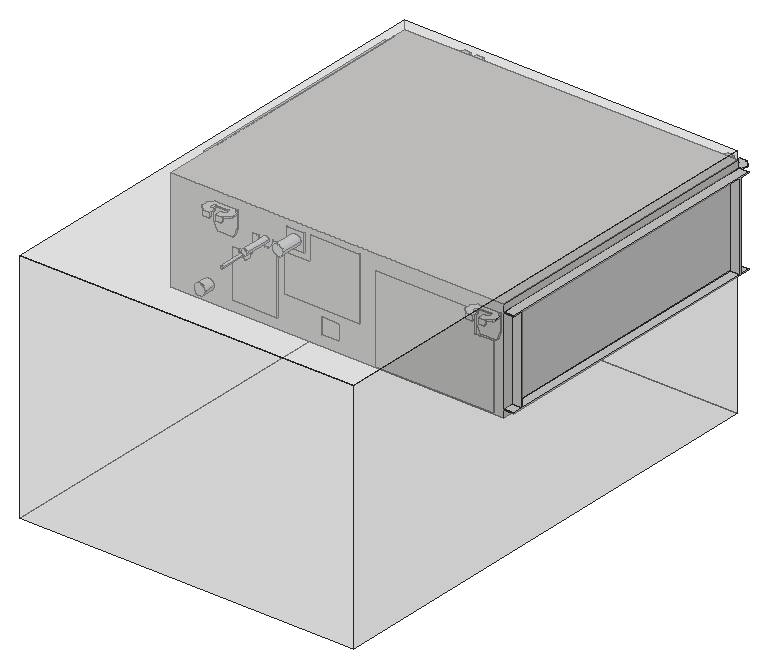
Revit family "outputfile", category 機械設備, Revit 2024
Family settings
  丸型コネクタ寸法 = 半径を使用
  パーツ タイプ = 標準
  OmniClass 番号 = 23.75.10.24.21.27.27
  OmniClass タイトル = Split System Air Conditioning Units
  作業面ベース = いいえ
  常に垂直 = はい
  ロード時にボイドで切り取り = いいえ
  注釈の向きを維持 = いいえ
  共有 = いいえ
  部屋計算ポイント = はい
Parameters (values of type "FXSQ40PAVS")
  Description = ""
  製造元 = "Daikin"
  書き出し IFC クラス(タイプ) = "IfcUnitaryEquipmentType"
  定義済み IFC タイプ(タイプ) = "AIRCONDITIONINGUNIT"
  Cost = 0
  モデル = "FXSQ40PAVS"
  Type Comments = ""
  Keynote = ""
  Type Image = (empty or 0)
  Assembly Code = ""
  r_Liquid Pipe Size = Liquid Pipe Size / 2  # 3.2 mm
  r_Gas Pipe Size = Gas Pipe Size / 2  # 6.35 mm
  r_Drain Pipe Size = Drain Pipe Size / 2  # 12.5 mm
  lw_power = 770.0 mm  # constant formula
  lh_SA = 138.0 mm  # constant formula
  lw_SA = if(Depth = 550.0 mm, 225.0 mm, if(Depth = 700.0 mm, 300.0 mm, if(Depth = 1000.0 mm, 450.0 mm, if(Depth = 1400.0 mm, 650.0 mm, 725.0 mm))))  # 300.0 mm
  lw_RA = if(Depth = 550.0 mm, 275.0 mm, if(Depth = 700.0 mm, 349.0 mm, if(Depth = 1000.0 mm, 499.0 mm, if(Depth = 1400.0 mm, 699.0 mm, 775.0 mm))))  # 349.0 mm
  lh_power = 60.0 mm + [h***]  # 60.0 mm
  lh_mountinghole1 = lh_mountinghole + [h***]  # 222.0 mm
  lh_RA = 123.0 mm  # constant formula
  ld_power = Depth / 2  # 350.0 mm
  Voltage_comment_50Hz = "220-240"
  Voltage_50Hz = 220 V
  URL = ""
  Supply Air Direction [instance] = yes
  Sound Power Level_H speed (dB) = 64
  Phase_50Hz = 1
  Minimum External Static Pressure = 30.00 Pa
  Minimum Circuit Amps_50Hz = 1.4 A
  Maximum Fuse Amps_50Hz = 16.0 A
  Maximum External Static Pressure = 150.00 Pa
  Material_Casing = DAIKIN_GalvanizedSteel_Casing_indoorunit
  lw_mountinghole = 630.0 mm  # constant formula
  lh_gaspipe = 183.0 mm + [h***]  # 183.0 mm
  lh_mountinghole = 222.0 mm  # constant formula
  lh_liquidpipe = 136.0 mm + [h***]  # 136.0 mm
  lh_drainpipe = 207.0 mm + [h***]  # 207.0 mm
  lh_antena = Height - lh_mountinghole + 1.0 mm  # 24.0 mm
  ld_drainpipe = Depth / 2 + 53.0 mm  # 403.0 mm
  ld_liquidpipe = Depth / 2 + 69.0 mm  # 419.0 mm
  ld_gaspipe = Depth / 2 + 65.0 mm  # 415.0 mm
  ld_mountinghole = Depth + 38.0 mm  # 738.0 mm
  h*** = 0.0 mm  # constant formula
  lw_liquidpipe = 179.0 mm  # constant formula
  lw_gaspipe = 229.0 mm  # constant formula
  lw_drainpipe = 300.0 mm  # constant formula
  Width = 800.0 mm
  Version = "ver.1.0"
  Unit Type = "Middle Static Pressure Duct Type"
  Unit Mass Weight = 27.00 kg
  Unit Designation [instance] = ""
  Uniclass2015Version = "Products v1.30"
  Uniclass2015Title = "Variable refrigerant flow units"
  Uniclass2015Code = "Pr_70_65_03_94"
  Total Heating Capacity [instance] = 0.000 kW
  Total Cooling Capacity [instance] = 0.000 kW
  Sound Pressure Level_M speed (dBA) = 0
  Sound Pressure Level_L speed (dBA) = 30
  Sound Pressure Level_H speed (dBA) = 36
  Series = "VRV Fan Coil Unit"
  Sensible Cooling Capacity [instance] = 0.000 kW
  SA Duct Size Width = if(Depth = 550.0 mm, 337.0 mm, if(Depth = 700.0 mm, 492.0 mm, if(Depth = 1000.0 mm, 792.0 mm, if(Depth = 1400.0 mm, 1192.0 mm, 1337.0 mm))))  # 492.0 mm
  SA Duct Size Height = 176.0 mm
  Refrigerant Type = "R410A"
  RA Duct Size Width = if(Depth = 550.0 mm, 502.0 mm, if(Depth = 700.0 mm, 654.0 mm, if(Depth = 1000.0 mm, 952.0 mm, if(Depth = 1400.0 mm, 1352.0 mm, 1502.0 mm))))  # 654.0 mm
  RA Duct Size Height = 208.0 mm
  Power Input (Heating) = 0.157 kW
  Power Input (Cooling) = 0.162 kW
  Option Accessory 3 [instance] = ""
  Option Accessory 2 [instance] = ""
  Option Accessory 1 [instance] = ""
  Nominal Heating Capacity = 5.000 kW
  Nominal Cooling Capacity = 4.500 kW
  Minimum Airflow = 630.00 m³/h
  Median Airflow = 750.00 m³/h
  Maximum Airflow = 900.00 m³/h
  Load Classification = HVAC
  Liquid Pipe Size = 6.4 mm
  Link_Nested Family [instance] = ""
  IfcVersion = "0"
  IfcExportType = "AIRCONDITIONINGUNIT"
  IfcExportAs = "IfcUnitaryEquipmentType"
  Height = 245.0 mm
  Heating Entering Wet Bulb Temperature [instance] = 0.00 °C
  Heating Entering Dry Bulb Temperature [instance] = 0.00 °C
  Heating Ambient Wet Bulb Temperature [instance] = 0.00 °C
  Heating Ambient Dry Bulb Temperature [instance] = 0.00 °C
  Heat Exchanger Type = "Cross Fin Coil"
  Gas Pipe Size = 12.7 mm
  Frequency_50Hz = 50 Hz
  Fan Type = "Sirocco Fan"
  Fan Drive = "Direct Drive"
  FCU Tag No. [instance] = ""
  Drain Pipe Size = 25.0 mm
  Design Supply Airflow [instance] = 0.00 m³/h
  Design Return Airflow [instance] = 0.00 m³/h
  Design External Static Pressure [instance] = 0.00 Pa
  Depth = 700.0 mm
  既定の高さ = 0.0 mm
  Cooling Entering Wet Bulb Temperature [instance] = 0.00 °C
  Cooling Entering Dry Bulb Temperature [instance] = 0.00 °C
  Cooling Ambient Wet Bulb Temperature [instance] = 0.00 °C
  Cooling Ambient Dry Bulb Temperature [instance] = 0.00 °C
  Clearance visibility [instance] = yes
  Clearance Top = 20.0 mm
  Clearance Right = 0.0 mm
  Clearance Rear = 0.0 mm
  Clearance Left = 0.0 mm
  Clearance Front = 450.0 mm
  Clearance Bottom = 300.0 mm
Reference planes
  plane 1 "Center (Front/Back)": y = 0
  plane 2 "h": z = 0
  plane 3 "Center (Left/Right)": x = 0
  plane 4 "Back": y = 350
  plane 5 "Front": y = -350
  plane 6 "Left": x = -400
  plane 7 "Reight": x = 400
  plane 8 "Top": z = 0
  plane 9 "Bottom": z = -245
  plane 10: y = -215
  plane 11: y = 350
  plane 12: y = -800
  plane 13: x = -400
  plane 14: x = 400
  plane 15: z = 20
  plane 16: z = -545
  plane 17: x = -400
  plane 18: x = -399
  plane 19: x = 399
  plane 20: y = 50
  plane 21: y = -1
  plane 22: z = -122
  plane 23: y = -351
  plane 24: z = -109
  plane 25: x = -221
  plane 26: y = -415
  plane 27: z = -62
  plane 28: x = -171
  plane 29: y = -403
  plane 30: z = -38
  plane 31: x = -100
  plane 32: x = -100
  plane 33: x = -221
  plane 34: x = -171
  plane 35: x = 370
  plane 36: x = -266
  plane 37: x = 364
  plane 38: y = -369
  plane 39: y = 369
  plane 40: z = -23
  plane 41: z = -107
  plane 42: y = -420
  plane 43: z = -207
  plane 44: x = -309
  plane 45: y = -376
  plane 46: x = -251
  plane 47: x = -203
  plane 48: x = -144
  plane 49: z = -59
  plane 50: z = -106
  plane 51: z = -221
  plane 52: z = -109
  plane 53: x = -221
  plane 54: z = -62
  plane 55: x = -171
  plane 56: z = -17
  plane 57: z = -59
  plane 58: x = -121
  plane 59: x = -79
  plane 60: x = -125
  plane 61: x = -64
  plane 62: x = 53
  plane 63: z = -164
  plane 64: z = -73
  plane 65: z = -16
  plane 66: x = 93.5
  plane 67: x = 374.5
  plane 68: x = 330
  plane 69: z = -88.5
  plane 70: z = -38
  plane 71: z = -242.5
  plane 72: x = -38.5
  plane 73: x = 6.5
  plane 74: z = -181
  plane 75: z = -221
  plane 76: y = -349
  plane 77: x = -424
  plane 78: x = 424
Forms (mm)
  Extrusion 1, solid, material "DAIKIN_GalvanizedSteel_Casing_indoorunit" <- "Material_Casing"
    sketch origin (0, 0, 0) x (1, 0, 0) y (0, 1, 0)
      loop
        line (-399, 350) -> (-399, -350) -> (399, -350) -> (399, 350) -> (-399, 350)
    from -245 to 0
  Extrusion 2, solid, material "DAIKIN_GalvanizedSteel_Casing_indoorunit" <- "Material_Casing"
    sketch origin (0, 0, 0) x (1, 0, 0) y (0, 0, 1)
      loop
        line (-251, -221) -> (-144, -221) -> (-144, -59) -> (-154.47, -59)
        arc (-154.47, -59) -> (-171, -78.8) -> (-187.53, -59) r 16.8
        line (-187.53, -59) -> (-203, -59) -> (-203, -106) -> (-206.916, -106)
        arc (-206.916, -106) -> (-221, -123.4) -> (-235.084, -106) r 14.4
        line (-235.084, -106) -> (-251, -106) -> (-251, -221)
    from 350 to 351
  Extrusion 3, solid, material "DAIKIN_GalvanizedSteel_Casing_indoorunit" <- "Material_Casing"
    sketch origin (0, 0, 0) x (1, 0, 0) y (0, 0, 1)
      loop
        line (-121, -17) -> (-121, -59) -> (-79, -59) -> (-79, -17) -> (-121, -17)
      loop
        line (-125, -73) -> (-125, -164) -> (53, -164) -> (53, -16) -> (-64, -16) -> (-64, -73) -> (-125, -73)
    from 350 to 351
  Extrusion 4, solid, material "DAIKIN_GalvanizedSteel_Casing_indoorunit" <- "Material_Casing"
    sketch origin (0, 0, 0) x (1, 0, 0) y (0, 0, 1)
      loop
        line (93.5, -38) -> (93.5, -242.5) -> (374.5, -242.5) -> (374.5, -88.5) -> (330, -88.5) -> (330, -38) -> (93.5, -38)
    from 350 to 351
  Extrusion 5, solid
    sketch origin (0, 0, 0) x (1, 0, 0) y (0, 0, 1)
      loop
        circle (-221, -109) r 3.2
    from 350 to 420
  Extrusion 6, solid
    sketch origin (0, 0, 0) x (1, 0, 0) y (0, 0, 1)
      loop
        circle (-171, -62) r 6.35
    from 350 to 415
  Extrusion 7, solid
    sketch origin (0, 0, 0) x (1, 0, 0) y (0, 0, 1)
      loop
        circle (-100, -38) r 12.5
    from 351 to 403
  Extrusion 8, solid, material "DAIKIN_GalvanizedSteel_Casing_indoorunit" <- "Material_Casing"
    sketch origin (0, 0, 0) x (1, 0, 0) y (0, 0, 1)
      loop
        circle (-309, -207) r 13
    from 350 to 376
  Extrusion 9, void
    sketch origin (0, 0, 0) x (1, 0, 0) y (0, 0, 1)
      loop
        line (-38.5, -181) -> (-38.5, -221) -> (6.5, -221) -> (6.5, -181) -> (-38.5, -181)
    from 349 to 350
Cuts and joins
  Extrusion 9 cuts Extrusion 1
Dimensions and locks
  "Height": plane 8 "Top" to plane 9 "Bottom"
  equal spacing: plane 4 "Back", plane 1 "Center (Front/Back)", plane 5 "Front"
  "Depth": plane 4 "Back" to plane 5 "Front"
  equal spacing: plane 6 "Left", plane 3 "Center (Left/Right)", plane 7 "Reight"
  "Width": plane 6 "Left" to plane 7 "Reight"
  "Clearance Left": plane 13 to plane 6 "Left"
  "Clearance Right": plane 7 "Reight" to plane 14
  "Clearance Rear": plane 11 to plane 4 "Back"
  "Clearance Front": plane 5 "Front" to plane 12
  "Clearance Top": plane 15 to plane 8 "Top"
  "Clearance Bottom": plane 9 "Bottom" to plane 16
  locked: plane 17 to plane 18 at 1
  locked: plane 19 to plane 14 at 1
  "lw_SA": plane 11 to plane 20
  "lw_RA": plane 21 to plane 5 "Front"
  "lh_RA": plane 22 to plane 9 "Bottom"
  locked: plane 5 "Front" to plane 23 at 1
  "lw_liquidpipe": plane 25 to plane 6 "Left"
  "lh_liquidpipe": plane 24 to plane 9 "Bottom"
  "lh_gaspipe": plane 27 to plane 9 "Bottom"
  "lw_gaspipe": plane 28 to plane 6 "Left"
  "ld_gaspipe": plane 26 to plane 1 "Center (Front/Back)"
  "ld_drainpipe": plane 29 to plane 1 "Center (Front/Back)"
  "lh_drainpipe": plane 30 to plane 9 "Bottom"
  "lw_drainpipe": plane 31 to plane 6 "Left"
  "lw_drainpipe": plane 6 "Left" to plane 32
  "lw_liquidpipe": plane 6 "Left" to plane 33
  "lw_gaspipe": plane 6 "Left" to plane 34
  "lw_power": plane 6 "Left" to plane 35
  locked: plane 17 to plane 36 at 134
  "lw_mountinghole": plane 36 to plane 37
  equal spacing: plane 38, plane 1 "Center (Front/Back)", plane 39
  "ld_mountinghole": plane 39 to plane 38
  "lh_mountinghole": plane 40 to plane 9 "Bottom"
  "lh_SA": plane 41 to plane 9 "Bottom"
  "ld_liquidpipe": plane 21 to plane 42
  locked: plane 44 to plane 6 "Left" at 91
  locked: plane 43 to plane 9 "Bottom" at 38
  locked: plane 5 "Front" to plane 45 at 26
  plane 48 to plane 47 to plane 46 to plane 6 "Left" = 59.0 mm, 48.0 mm, 149.0 mm
  plane 8 "Top" to plane 49 to plane 50 to plane 51 = 59.0 mm locked, 47.0 mm locked, 115.0 mm locked
  plane 55 to plane 53 to plane 6 "Left" = 50.0 mm locked, 179.0 mm locked
  plane 54 to plane 52 to plane 9 "Bottom" = 47.0 mm locked, 136.0 mm locked
  plane 59 to plane 58 to plane 6 "Left" = 42.0 mm locked, 279.0 mm locked
  plane 8 "Top" to plane 56 to plane 57 = 17.0 mm locked, 42.0 mm locked
  plane 62 to plane 61 to plane 60 to plane 6 "Left" = 117.0 mm, 61.0 mm, 275.0 mm
  plane 8 "Top" to plane 65 to plane 64 = 16.0 mm locked, 57.0 mm locked
  locked: plane 65 to plane 63 at 148
  plane 8 "Top" to plane 70 to plane 69 to plane 71 = 38.0 mm locked, 50.5 mm locked, 154.0 mm locked
  plane 67 to plane 68 to plane 66 to plane 6 "Left" = 44.5 mm locked, 236.5 mm locked, 493.5 mm locked
  plane 8 "Top" to plane 74 to plane 75 = 181.0 mm locked, 40.0 mm locked
  plane 73 to plane 72 to plane 6 "Left" = 45.0 mm, 361.5 mm
  locked: plane 76 to plane 5 "Front" at 1
  locked: plane 77 to plane 17 at 24
  locked: plane 14 to plane 78 at 24
  "r_Liquid Pipe Size": radius of Extrusion 5 sketch curve
  "r_Gas Pipe Size": radius of Extrusion 6 sketch curve
  "r_Drain Pipe Size": radius of Extrusion 7 sketch curve
  aligned and locked: level to plane 2 "h"
  aligned and locked: plane 8 "Top" to Extrusion 1
  aligned and locked: Extrusion 1 to plane 9 "Bottom"
  aligned and locked: nested 5 to plane 12
  aligned and locked: plane 13 to nested 5
  aligned and locked: plane 14 to nested 5
  aligned and locked: nested 5 to plane 13
  aligned and locked: plane 11 to nested 5
  aligned and locked: plane 15 to nested 5
  aligned and locked: plane 16 to nested 5
  aligned and locked: plane 5 "Front" to Extrusion 1 sketch curve
  aligned and locked: Extrusion 1 to plane 18
  aligned and locked: plane 19 to Extrusion 1
  aligned and locked: nested 7 to plane 18
  aligned and locked: nested 7 to plane 20
  aligned and locked: plane 19 to nested 8
  aligned and locked: plane 21 to nested 8
  aligned and locked: plane 22 to nested 8
  aligned and locked: Extrusion 2 to plane 23
  aligned and locked: plane 5 "Front" to Extrusion 2
  aligned and locked: Extrusion 3 to plane 23
  aligned and locked: plane 5 "Front" to Extrusion 3
  aligned and locked: plane 5 "Front" to Extrusion 4
  aligned and locked: Extrusion 5 sketch curve to plane 25
  aligned and locked: plane 24 to Extrusion 5 sketch curve
  aligned and locked: plane 5 "Front" to Extrusion 5
  aligned and locked: Extrusion 6 sketch curve to plane 28
  aligned and locked: plane 27 to Extrusion 6 sketch curve
  aligned and locked: plane 5 "Front" to Extrusion 6
  aligned and locked: Extrusion 7 sketch curve to plane 31
  aligned and locked: Extrusion 7 sketch curve to plane 30
  aligned and locked: Extrusion 7 to plane 29
  aligned and locked: plane 23 to Extrusion 7
  aligned and locked: nested 3 to plane 29
  aligned and locked: plane 32 to nested 3
  aligned and locked: nested 2 to plane 33
  aligned and locked: nested 1 to plane 34
  aligned and locked: Extrusion 6 to plane 26
  aligned and locked: nested 1 to plane 26
  aligned and locked: nested 6 to plane 5 "Front"
  aligned and locked: nested 6 to plane 35
  aligned and locked: plane 36 to nested 10
  aligned and locked: nested 10 to plane 5 "Front"
  aligned and locked: plane 37 to nested 9
  aligned and locked: nested 9 to plane 5 "Front"
  aligned and locked: nested 11 to plane 36
  aligned and locked: plane 4 "Back" to nested 11
  aligned and locked: nested 12 to plane 37
  aligned and locked: plane 4 "Back" to nested 12
  aligned and locked: plane 40 to nested 10
  aligned and locked: plane 40 to nested 11
  aligned and locked: plane 40 to nested 9
  aligned and locked: plane 40 to nested 12
  aligned and locked: plane 36 to nested 14
  aligned and locked: nested 14 to plane 39
  aligned and locked: plane 37 to nested 13
  aligned and locked: nested 13 to plane 39
  aligned and locked: plane 37 to nested 16
  aligned and locked: plane 38 to nested 16
  aligned and locked: plane 38 to nested 15
  aligned and locked: plane 36 to nested 15
  aligned and locked: plane 17 to plane 6 "Left"
  aligned and locked: plane 41 to nested 7
  aligned and locked: Extrusion 5 to plane 42
  aligned and locked: nested 2 to plane 42
  aligned and locked: Extrusion 8 sketch curve to plane 44
  aligned and locked: plane 43 to Extrusion 8 sketch curve
  aligned and locked: plane 5 "Front" to Extrusion 8
  aligned and locked: plane 45 to Extrusion 8
  aligned and locked: Extrusion 3 sketch curve to plane 56
  aligned and locked: Extrusion 3 sketch curve to plane 58
  aligned and locked: plane 57 to Extrusion 3 sketch curve
  aligned and locked: plane 59 to Extrusion 3 sketch curve
  aligned and locked: Extrusion 4 to plane 23
  aligned and locked: Extrusion 9 sketch curve to plane 74
  aligned and locked: plane 75 to Extrusion 9 sketch curve
  aligned and locked: plane 73 to Extrusion 9 sketch curve
  aligned and locked: plane 5 "Front" to Extrusion 9
  aligned and locked: plane 76 to Extrusion 9
  aligned and locked: nested 17 to plane 20
  aligned and locked: nested 17 to plane 77
  aligned and locked: plane 21 to nested 18
  aligned and locked: plane 78 to nested 18
  aligned and locked: plane 41 to nested 17
  aligned and locked: nested 18 to plane 22
  aligned and locked: nested 4 to plane 3 "Center (Left/Right)"
  aligned and locked: plane 1 "Center (Front/Back)" to nested 4
  aligned and locked: level to plane 8 "Top"
Automatic sketch dimensions
  plane 6 "Left" to Extrusion 1 sketch curve = 1.0 mm
  Extrusion 1 sketch curve to plane 7 "Reight" = 1.0 mm
  Extrusion 1 sketch curve to plane 4 "Back" = 0.0 mm
  Extrusion 2 sketch curve to plane 46 = 0.0 mm
  Extrusion 2 sketch curve to plane 33 = 0.0 mm
  Extrusion 2 sketch curve to plane 47 = 0.0 mm
  Extrusion 2 sketch curve to plane 34 = 0.0 mm
  Extrusion 2 sketch curve to plane 48 = 0.0 mm
  Extrusion 2 sketch curve to plane 51 = 0.0 mm
  Extrusion 2 sketch curve to plane 52 = 0.0 mm
  Extrusion 2 sketch curve to plane 50 = 0.0 mm  (x3)
  Extrusion 2 sketch curve to plane 54 = 0.0 mm
  Extrusion 2 sketch curve to plane 49 = 0.0 mm  (x3)
  plane 33 to Extrusion 2 sketch curve = 14.084 mm
  plane 34 to Extrusion 2 sketch curve = 16.53 mm
  Extrusion 3 sketch curve to plane 60 = 0.0 mm
  Extrusion 3 sketch curve to plane 61 = 0.0 mm
  Extrusion 3 sketch curve to plane 62 = 0.0 mm
  Extrusion 3 sketch curve to plane 63 = 0.0 mm
  Extrusion 3 sketch curve to plane 64 = 0.0 mm
  Extrusion 3 sketch curve to plane 65 = 0.0 mm
  Extrusion 4 sketch curve to plane 66 = 0.0 mm
  Extrusion 4 sketch curve to plane 68 = 0.0 mm
  Extrusion 4 sketch curve to plane 67 = 0.0 mm
  Extrusion 4 sketch curve to plane 71 = 0.0 mm
  Extrusion 4 sketch curve to plane 69 = 0.0 mm
  Extrusion 4 sketch curve to plane 70 = 0.0 mm
  Extrusion 9 sketch curve to plane 72 = 0.0 mm
  radius of Extrusion 8 sketch curve = 13.0 mm
Nested families
  nested 1: "daikin_connector_rotate2" at (-171, 0, -62), length <- "ld_gaspipe", built-in parameter 1001364 <- "lh_gaspipe", radius <- "r_Gas Pipe Size", type "daikin_connector_rotate2"
    with radius 6.35 mm, length 415.0 mm, angle_vertical 90.00°
  nested 2: "daikin_connector_rotate2" at (-221, -1, -109), length <- "ld_liquidpipe", built-in parameter 1001364 <- "lh_liquidpipe", radius <- "r_Liquid Pipe Size", type "daikin_connector_rotate2"
    with radius 3.2 mm, length 419.0 mm, angle_vertical 90.00°
  nested 3: "daikin_connector_rotate2" at (-100, 0, -38), length <- "ld_drainpipe", built-in parameter 1001364 <- "lh_drainpipe", radius <- "r_Drain Pipe Size", type "daikin_connector_rotate2"
    with radius 12.5 mm, length 403.0 mm, angle_vertical 90.00°
  nested 4: "daikin_△_symbolicline" at (0, 0, 245) x (0, -1, 0) z (0, 0, 1), built-in parameter 1001364 <- "Height", visible <- "Supply Air Direction", type "daikin_△_symbolicline"
    with length 200.0 mm
  nested 5: "daikin_clearancespace" at (0, -225, -262.381), visible <- "Clearance visibility", show <- "Clearance visibility", Link_Nested Family <- "Link_Nested Family", type "daikin_clearancespace"
    with width 800.0 mm, show yes, height 565.0 mm, depth 1150.0 mm, Link_Nested Family ""
  nested 6: "daikin_connector_rotate2" at (370, 0, -185), built-in parameter 1001364 <- "lh_power", length <- "ld_power", type "daikin_connector_rotate2"
    with radius 10.0 mm, length 350.0 mm, angle_vertical 90.00°
  nested 7: "daikin_ductflange_FXSQ-PAVS2" at (-399, 50, -107) x (0, -1, 0) z (0, 0, 1), type "daikin_ductflange_FXSQ-PAVS2"
    with width 492.0 mm, w 700.0 mm
  nested 8: "daikin_ductflange_FXSQ-PAVS" at (399, -1, -122) x (0, 1, 0) z (0, 0, 1), type "daikin_ductflange_FXSQ-PAVS"
    with width 654.0 mm, w 700.0 mm
  nested 9: "daikin_hangerfixture_FXSQ-PAVS" at (364, -350, -23), type "daikin_hangerfixture_FXSQ-PAVS"
  nested 10: "daikin_hangerfixture_FXSQ-PAVS" at (-266, -350, -23), type "daikin_hangerfixture_FXSQ-PAVS"
  nested 11: "daikin_hangerfixture_FXSQ-PAVS" at (-266, 350, -23) x (-1, 0, 0) z (0, 0, 1), type "daikin_hangerfixture_FXSQ-PAVS"
  nested 12: "daikin_hangerfixture_FXSQ-PAVS" at (364, 350, -23) x (-1, 0, 0) z (0, 0, 1), type "daikin_hangerfixture_FXSQ-PAVS"
  nested 13: "daikin_mountinghole" at (364, 369, -245), h_mountinghole <- "lh_mountinghole1", l_antenna <- "lh_antena", Link_Nested Family <- "Link_Nested Family", type "daikin_mountinghole"
    with show yes, l_antenna 24.0 mm, h_mountinghole 222.0 mm, Link_Nested Family ""
  nested 14: "daikin_mountinghole" at (-266, 369, -245), h_mountinghole <- "lh_mountinghole1", l_antenna <- "lh_antena", Link_Nested Family <- "Link_Nested Family", type "daikin_mountinghole"
    with show yes, l_antenna 24.0 mm, h_mountinghole 222.0 mm, Link_Nested Family ""
  nested 15: "daikin_mountinghole" at (-266, -369, -245), h_mountinghole <- "lh_mountinghole1", l_antenna <- "lh_antena", Link_Nested Family <- "Link_Nested Family", type "daikin_mountinghole"
    with show yes, l_antenna 24.0 mm, h_mountinghole 222.0 mm, Link_Nested Family ""
  nested 16: "daikin_mountinghole" at (364, -369, -245), h_mountinghole <- "lh_mountinghole1", l_antenna <- "lh_antena", Link_Nested Family <- "Link_Nested Family", type "daikin_mountinghole"
    with show yes, l_antenna 24.0 mm, h_mountinghole 222.0 mm, Link_Nested Family ""
  nested 17: "daikin_connector_rotate2" at (-400, 50, -107) x (0, -1, 0) z (0, 0, 1), type "daikin_connector_rotate2"
    with radius 10.0 mm, length 24.0 mm, angle_vertical 90.00°
  nested 18: "daikin_connector_rotate2" at (400, -1, -122) x (0, 1, 0) z (0, 0, 1), type "daikin_connector_rotate2"
    with radius 10.0 mm, length 24.0 mm, angle_vertical 90.00°
Connectors
  piping at (-100, -403, -38), diameter 25, driven by "r_Drain Pipe Size"
    settings: on nested 3, index 3, connector inside diameter 609.6 mm, connector length 0.0 mm, flow factor 0, pipe flow 0.00 m³/h, pressure drop 0.0 Pa, fitting loss kfactor 0, connector angle 0.00°, fixture units 0, engagement length 0.0 mm, angle of deflection 0.00°, flow configuration 1, flow direction 2, fitting loss method 4, system type 16, joint type 0, gender type 0, connector reference index -1, connector utility 0, adjustable connector no, is connector primary yes, connector description "Condensate Drain Piping"
  piping at (-171, -415, -62), diameter 12.7, driven by "r_Gas Pipe Size"
    settings: on nested 1, index 4, connector inside diameter 609.6 mm, connector length 0.0 mm, flow factor 0, pipe flow 0.00 m³/h, pressure drop 0.0 Pa, fitting loss kfactor 0, connector angle 0.00°, fixture units 0, engagement length 0.0 mm, angle of deflection 0.00°, flow configuration 1, flow direction 2, fitting loss method 0, system type 29, joint type 0, gender type 0, connector reference index -1, connector utility 0, adjustable connector no, is connector primary no, connector description "Refrigerant Gas Piping"
  piping at (-221, -420, -109), diameter 6.4, driven by "r_Liquid Pipe Size"
    settings: on nested 2, index 5, connector inside diameter 609.6 mm, connector length 0.0 mm, flow factor 0, pipe flow 0.00 m³/h, pressure drop 0.0 Pa, fitting loss kfactor 0, connector angle 0.00°, fixture units 0, engagement length 0.0 mm, angle of deflection 0.00°, flow configuration 1, flow direction 1, fitting loss method 0, system type 29, joint type 0, gender type 0, connector reference index -1, connector utility 0, adjustable connector no, is connector primary no, connector description "Refrigerant Liquid Piping"
  electrical at (370, -350, -185), driven by "Load Classification"
    settings: on nested 6, index 6, voltage 0 V, apparent load 0 VA, apparent load phase1 0 VA, apparent load phase2 0 VA, apparent load phase3 0 VA, power factor 1, load classification "HVAC", number of poles 1, system type 30, power factor state 1, is connector primary yes, connector utility no, sub classification motor no, connector description "Power Supply"
  hvac at (-424, 50, -107), driven by "SA Duct Size Height", driven by "SA Duct Size Width"
    settings: on nested 17, index 7, duct flow 0.00 m³/h, flow factor 0, pres drop 0.00 Pa, loss coef 0, conn angle 0.00°, conn width 492.0 mm, conn height 176.0 mm, conn diameter 609.6 mm, duct sys type 1, conn prof type 1, flow config 0, flow direction 2, loss method 4, conn ref index -1, conn util no, is conn primary yes, conn desc "SA Duct"
  hvac at (424, -1, -122), driven by "RA Duct Size Height", driven by "RA Duct Size Width"
    settings: on nested 18, index 8, duct flow 0.00 m³/h, flow factor 0, pres drop 0.00 Pa, loss coef 0, conn angle 0.00°, conn width 654.0 mm, conn height 208.0 mm, conn diameter 609.6 mm, duct sys type 2, conn prof type 1, flow config 0, flow direction 1, loss method 4, conn ref index -1, conn util no, is conn primary no, conn desc "RA Duct"
Definition of nested family "daikin_clearancespace"
  Parameters (values of type "daikin_clearancespace")
    width [instance] = 1823.963 mm
    show [instance] = yes
    material = none
    height [instance] = 1359.762 mm
    depth [instance] = 880.0 mm
    Default Elevation = 0.0 mm
    Link_Nested Family [instance] = ""
  Reference planes
    plane 1 "Center (Front/Back)": y = 0
    plane 2 "Center (Elevation)": z = -0.119
    plane 3 "Center (Left/Right)": x = 0
    plane 4: y = 440
    plane 5: y = -440
    plane 6 "Right": x = 911.982
    plane 7 "Left": x = -911.982
    plane 8 "Top": z = 679.762
    plane 9 "Bottom": z = -680
  Forms (mm)
    Extrusion 1, solid, material <- "material", visible <- "show"
      sketch origin (0, 0, 0) x (1, 0, 0) y (0, 1, 0)
        loop
          line (-911.982, 440) -> (-911.982, -440) -> (911.982, -440) -> (911.982, 440) -> (-911.982, 440)
      from -680 to 679.762
  Lines and regions (mm)
    symbolic lines, visible <- "show"
      curve 1: line (911.982, 440, 0) -> (-911.982, 440, 0)
      curve 2: line (-911.982, 440, 0) -> (-911.982, -440, 0)
      curve 3: line (-911.982, -440, 0) -> (911.982, -440, 0)
      curve 4: line (911.982, -440, 0) -> (911.982, 440, 0)
      curve 5: line (911.982, 0, 679.762) -> (-911.982, 0, 679.762)
      curve 6: line (911.982, 0, -680) -> (911.982, 0, 679.762)
      curve 7: line (-911.982, 0, -680) -> (911.982, 0, -680)
      curve 8: line (-911.982, 0, 679.762) -> (-911.982, 0, -680)
      curve 9: line (0, 440, 679.762) -> (0, -440, 679.762)
      curve 10: line (0, -440, 679.762) -> (0, -440, -680)
      curve 11: line (0, 440, -680) -> (0, 440, 679.762)
      curve 12: line (0, -440, -680) -> (0, 440, -680)
  Dimensions and locks
    "width": plane 7 "Left" to plane 6 "Right"
    "depth": plane 4 to plane 5
    "height": plane 8 "Top" to plane 9 "Bottom"
    equal spacing: plane 7 "Left", plane 3 "Center (Left/Right)", plane 6 "Right"
    equal spacing: plane 4, plane 1 "Center (Front/Back)", plane 5
    equal spacing: plane 8 "Top", plane 2 "Center (Elevation)", plane 9 "Bottom"
    aligned and locked: level to plane 2 "Center (Elevation)"
    aligned and locked: Extrusion 1 sketch curve to plane 4
    aligned and locked: plane 7 "Left" to Extrusion 1 sketch curve
    aligned and locked: Extrusion 1 sketch curve to plane 5
    aligned and locked: Extrusion 1 sketch curve to plane 6 "Right"
    aligned and locked: plane 8 "Top" to Extrusion 1
    aligned and locked: curve 1 to Extrusion 1
    aligned and locked: curve 2 to Extrusion 1
    aligned and locked: curve 3 to Extrusion 1
    aligned and locked: curve 4 to Extrusion 1
    aligned and locked: curve 5 to Extrusion 1
    aligned and locked: curve 6 to Extrusion 1
    aligned and locked: curve 7 to Extrusion 1
    aligned and locked: curve 8 to Extrusion 1
    aligned and locked: curve 9 to Extrusion 1
    aligned and locked: curve 10 to Extrusion 1
    aligned and locked: curve 11 to Extrusion 1
    aligned and locked: curve 12 to Extrusion 1
    aligned and locked: Extrusion 1 to plane 9 "Bottom"
Definition of nested family "daikin_ductflange_FXSQ-PAVS2"
  Parameters (values of type "daikin_ductflange_FXMQ-PAVE2")
    width = if(w = 550.0 mm, 337.0 mm, if(w = 700.0 mm, 492.0 mm, if(w = 1000.0 mm, 792.0 mm, if(w = 1400.0 mm, 1192.0 mm, 1337.0 mm))))  # 337.0 mm
    material = none
    height = 215.0 mm
    depth = 1.0 mm
    w = 550.0 mm
    Default Elevation = 0.0 mm
  Reference planes
    plane 1 "Center (Front/Back)": y = 0
    plane 2: z = 0
    plane 3 "Center (Left/Right)": x = 0
    plane 4: z = 88
    plane 5: z = -88
    plane 6: y = -25
    plane 7: z = 106
    plane 8: z = 89
    plane 9: y = -1
    plane 10: x = -192.5
    plane 11: x = 192.5
    plane 12: z = -106
    plane 13: z = -89
    plane 14: y = -1
    plane 15: x = 168.5
    plane 16: x = -168.5
    plane 17: x = 169.5
    plane 18: z = 87
    plane 19: z = -87
    plane 20: x = -169.5
    plane 21: z = 87
    plane 22: z = -87
    plane 23: y = -1
  Forms (mm)
    Extrusion 1, solid, material <- "material"
      sketch origin (0, 0, 0) x (0, 1, 0) y (0, 0, 1)
        loop
          line (-25, 88) -> (0, 88) -> (0, 106) -> (-1, 106) -> (-1, 89) -> (-25, 89) -> (-25, 88)
      from -192.5 to 192.5
    Extrusion 2, solid, material <- "material"
      sketch origin (0, 0, 0) x (0, 1, 0) y (0, 0, 1)
        loop
          line (-25, -88) -> (-25, -89) -> (-1, -89) -> (-1, -106) -> (0, -106) -> (0, -88) -> (-25, -88)
      from -192.5 to 192.5
    Extrusion 3, solid, material <- "material"
      sketch origin (0, 0, 0) x (1, 0, 0) y (0, 0, 1)
        loop
          line (168.5, 88) -> (168.5, -88) -> (192.5, -88) -> (192.5, -87) -> (169.5, -87) -> (169.5, 87) -> (192.5, 87) -> (192.5, 88) -> (168.5, 88)
      from 0 to 25
    Extrusion 4, solid, material <- "material"
      sketch origin (0, 0, 0) x (1, 0, 0) y (0, 0, 1)
        loop
          line (-192.5, 88) -> (-192.5, 87) -> (-169.5, 87) -> (-169.5, -87) -> (-192.5, -87) -> (-192.5, -88) -> (-168.5, -88) -> (-168.5, 88) -> (-192.5, 88)
      from 0 to 25
    Extrusion 5, solid, material <- "material"
      sketch origin (0, 0, 0) x (1, 0, 0) y (0, 0, 1)
        loop
          line (-192.5, 88) -> (-192.5, -88) -> (-168.5, -88) -> (-168.5, 88) -> (-192.5, 88)
        loop
          line (192.5, 88) -> (168.5, 88) -> (168.5, -88) -> (192.5, -88) -> (192.5, 88)
      from 0 to 1
  Cuts and joins
    joined: Extrusion 1, Extrusion 2, Extrusion 3, Extrusion 4, Extrusion 5
  Dimensions and locks
    plane 4 to level to plane 5 = 88.0 mm, 88.0 mm
    locked: plane 6 to plane 1 "Center (Front/Back)" at 25
    locked: plane 9 to plane 1 "Center (Front/Back)" at 1
    locked: plane 8 to plane 4 at 1
    locked: plane 16 to plane 10 at 24
    locked: plane 17 to plane 15 at 1
    locked: plane 4 to plane 18 at 1
    locked: plane 19 to plane 5 at 1
    "width": plane 15 to plane 16
    plane 4 to plane 5 = 176.0 mm
    locked: plane 16 to plane 20 at 1
    locked: plane 4 to plane 21 at 1
    locked: plane 22 to plane 5 at 1
    locked: plane 23 to plane 1 "Center (Front/Back)" at 1
    plane 4 to level to plane 5 = 88.0 mm locked, 88.0 mm locked
    locked: plane 5 to plane 13 at 1
    locked: plane 5 to plane 12 at 18
    locked: plane 7 to plane 4 at 18
    equal spacing: plane 15, plane 3 "Center (Left/Right)", plane 16
    locked: plane 11 to plane 15 at 24
    plane 11 to plane 10 = 385.0 mm
    aligned and locked: level to plane 2
    aligned and locked: Extrusion 1 to plane 10
    aligned and locked: plane 11 to Extrusion 1
    aligned and locked: plane 5 to Extrusion 2
    aligned and locked: Extrusion 2 to plane 1 "Center (Front/Back)"
    aligned and locked: plane 15 to Extrusion 3 sketch curve
    aligned and locked: Extrusion 3 sketch curve to Extrusion 2  (x2)
    aligned and locked: Extrusion 3 sketch curve to plane 11
    aligned and locked: plane 6 to Extrusion 3
    aligned and locked: Extrusion 2 to plane 10
    aligned and locked: plane 11 to Extrusion 2
    aligned and locked: Extrusion 4 sketch curve to Extrusion 1  (x2)
    aligned and locked: plane 5 to Extrusion 4 sketch curve
    aligned and locked: Extrusion 4 sketch curve to plane 16
    aligned and locked: Extrusion 4 sketch curve to plane 22
    aligned and locked: plane 20 to Extrusion 4 sketch curve
    aligned and locked: plane 21 to Extrusion 4 sketch curve
    aligned and locked: Extrusion 4 to plane 1 "Center (Front/Back)"
    aligned and locked: plane 6 to Extrusion 4
    aligned and locked: Extrusion 5 sketch curve to Extrusion 1  (x4)
    aligned and locked: Extrusion 5 sketch curve to Extrusion 4  (x2)
    aligned and locked: Extrusion 5 sketch curve to Extrusion 3  (x2)
    aligned and locked: Extrusion 5 to plane 1 "Center (Front/Back)"
    aligned and locked: plane 23 to Extrusion 5
  Automatic sketch dimensions
    Extrusion 1 sketch curve to plane 6 = 0.0 mm
    Extrusion 1 sketch curve to plane 7 = 0.0 mm
    Extrusion 1 sketch curve to plane 9 = 0.0 mm
    Extrusion 1 sketch curve to plane 1 "Center (Front/Back)" = 0.0 mm
    Extrusion 1 sketch curve to plane 4 = 0.0 mm
    Extrusion 1 sketch curve to plane 8 = 0.0 mm
    Extrusion 2 sketch curve to plane 6 = 0.0 mm
    plane 12 to Extrusion 2 sketch curve = 0.0 mm
    Extrusion 2 sketch curve to plane 14 = 0.0 mm
    Extrusion 2 sketch curve to plane 1 "Center (Front/Back)" = 0.0 mm
    plane 13 to Extrusion 2 sketch curve = 0.0 mm
    Extrusion 2 sketch curve to plane 5 = 0.0 mm
    Extrusion 3 sketch curve to plane 17 = 0.0 mm
    Extrusion 3 sketch curve to plane 19 = 0.0 mm
    Extrusion 3 sketch curve to plane 18 = 0.0 mm
    Extrusion 3 sketch curve to plane 4 = 0.0 mm
    Extrusion 4 sketch curve to plane 10 = 0.0 mm
Definition of nested family "daikin_ductflange_FXSQ-PAVS"
  Parameters (values of type "daikin_ductflange_FXMQ-PAVE")
    width = if(w = 550.0 mm, 502.0 mm, if(w = 700.0 mm, 654.0 mm, if(w = 1000.0 mm, 952.0 mm, if(w = 1400.0 mm, 1352.0 mm, 1502.0 mm))))  # 502.0 mm
    material = none
    height = 208.0 mm
    depth = 1.0 mm
    w = 550.0 mm
    Default Elevation = 0.0 mm
  Reference planes
    plane 1 "Center (Front/Back)": y = 0
    plane 2: z = 0
    plane 3 "Center (Left/Right)": x = 0
    plane 4: z = 104
    plane 5: z = -104
    plane 6: y = -25
    plane 7: z = 121
    plane 8: z = 105
    plane 9: y = -1
    plane 10: x = -275
    plane 11: x = 275
    plane 12: z = -122
    plane 13: z = -105
    plane 14: y = -1
    plane 15: x = 251
    plane 16: x = -251
    plane 17: x = 252
    plane 18: z = 103
    plane 19: z = -103
    plane 20: x = -252
    plane 21: z = 103
    plane 22: z = -103
    plane 23: y = -1
  Forms (mm)
    Extrusion 1, solid, material <- "material"
      sketch origin (0, 0, 0) x (0, 1, 0) y (0, 0, 1)
        loop
          line (-25, 104) -> (0, 104) -> (0, 121) -> (-1, 121) -> (-1, 105) -> (-25, 105) -> (-25, 104)
      from -275 to 275
    Extrusion 2, solid, material <- "material"
      sketch origin (0, 0, 0) x (0, 1, 0) y (0, 0, 1)
        loop
          line (-25, -104) -> (-25, -105) -> (-1, -105) -> (-1, -122) -> (0, -122) -> (0, -104) -> (-25, -104)
      from -275 to 275
    Extrusion 3, solid, material <- "material"
      sketch origin (0, 0, 0) x (1, 0, 0) y (0, 0, 1)
        loop
          line (251, 104) -> (251, -104) -> (275, -104) -> (275, -103) -> (252, -103) -> (252, 103) -> (275, 103) -> (275, 104) -> (251, 104)
      from 0 to 25
    Extrusion 4, solid, material <- "material"
      sketch origin (0, 0, 0) x (1, 0, 0) y (0, 0, 1)
        loop
          line (-275, 104) -> (-275, 103) -> (-252, 103) -> (-252, -103) -> (-275, -103) -> (-275, -104) -> (-251, -104) -> (-251, 104) -> (-275, 104)
      from 0 to 25
    Extrusion 5, solid, material <- "material"
      sketch origin (0, 0, 0) x (1, 0, 0) y (0, 0, 1)
        loop
          line (-275, 104) -> (-275, -104) -> (-251, -104) -> (-251, 104) -> (-275, 104)
        loop
          line (275, 104) -> (251, 104) -> (251, -104) -> (275, -104) -> (275, 104)
      from 0 to 1
  Cuts and joins
    joined: Extrusion 1, Extrusion 2, Extrusion 3, Extrusion 4, Extrusion 5
  Dimensions and locks
    plane 4 to level to plane 5 = 104.0 mm, 104.0 mm
    locked: plane 6 to plane 1 "Center (Front/Back)" at 25
    locked: plane 9 to plane 1 "Center (Front/Back)" at 1
    locked: plane 8 to plane 4 at 1
    locked: plane 11 to plane 15 at 24
    locked: plane 16 to plane 10 at 24
    locked: plane 17 to plane 15 at 1
    locked: plane 4 to plane 18 at 1
    locked: plane 19 to plane 5 at 1
    "width": plane 15 to plane 16
    equal spacing: plane 15, plane 3 "Center (Left/Right)", plane 16
    locked: plane 16 to plane 20 at 1
    locked: plane 4 to plane 21 at 1
    locked: plane 22 to plane 5 at 1
    locked: plane 23 to plane 1 "Center (Front/Back)" at 1
    locked: plane 7 to plane 4 at 17
    locked: plane 1 "Center (Front/Back)" to plane 14 at 1
    locked: plane 5 to plane 13 at 1
    "height": plane 4 to plane 5
    plane 11 to plane 10 = 550.0 mm
    locked: plane 12 to plane 13 at 17
    equal spacing: plane 4, level, plane 5
    aligned and locked: level to plane 2
    aligned and locked: Extrusion 1 to plane 10
    aligned and locked: plane 11 to Extrusion 1
    aligned and locked: plane 5 to Extrusion 2
    aligned and locked: Extrusion 2 to plane 1 "Center (Front/Back)"
    aligned and locked: plane 15 to Extrusion 3 sketch curve
    aligned and locked: Extrusion 3 sketch curve to Extrusion 2  (x2)
    aligned and locked: Extrusion 3 sketch curve to plane 11
    aligned and locked: plane 6 to Extrusion 3
    aligned and locked: Extrusion 2 to plane 10
    aligned and locked: plane 11 to Extrusion 2
    aligned and locked: Extrusion 4 sketch curve to Extrusion 1  (x2)
    aligned and locked: plane 5 to Extrusion 4 sketch curve
    aligned and locked: Extrusion 4 sketch curve to plane 16
    aligned and locked: Extrusion 4 sketch curve to plane 22
    aligned and locked: plane 20 to Extrusion 4 sketch curve
    aligned and locked: plane 21 to Extrusion 4 sketch curve
    aligned and locked: Extrusion 4 to plane 1 "Center (Front/Back)"
    aligned and locked: plane 6 to Extrusion 4
    aligned and locked: Extrusion 5 sketch curve to Extrusion 1  (x4)
    aligned and locked: Extrusion 5 sketch curve to Extrusion 4  (x2)
    aligned and locked: Extrusion 5 sketch curve to Extrusion 3  (x2)
    aligned and locked: Extrusion 5 to plane 1 "Center (Front/Back)"
    aligned and locked: plane 23 to Extrusion 5
  Automatic sketch dimensions
    Extrusion 1 sketch curve to plane 6 = 0.0 mm
    Extrusion 1 sketch curve to plane 7 = 0.0 mm
    Extrusion 1 sketch curve to plane 9 = 0.0 mm
    Extrusion 1 sketch curve to plane 1 "Center (Front/Back)" = 0.0 mm
    Extrusion 1 sketch curve to plane 4 = 0.0 mm
    Extrusion 1 sketch curve to plane 8 = 0.0 mm
    Extrusion 2 sketch curve to plane 6 = 0.0 mm
    plane 12 to Extrusion 2 sketch curve = 0.0 mm
    Extrusion 2 sketch curve to plane 14 = 0.0 mm
    Extrusion 2 sketch curve to plane 1 "Center (Front/Back)" = 0.0 mm
    plane 13 to Extrusion 2 sketch curve = 0.0 mm
    Extrusion 2 sketch curve to plane 5 = 0.0 mm
    Extrusion 3 sketch curve to plane 17 = 0.0 mm
    Extrusion 3 sketch curve to plane 19 = 0.0 mm
    Extrusion 3 sketch curve to plane 18 = 0.0 mm
    Extrusion 3 sketch curve to plane 4 = 0.0 mm
    Extrusion 4 sketch curve to plane 10 = 0.0 mm
Definition of nested family "daikin_hangerfixture_FXSQ-PAVS"
  Parameters (values of type "daikin_hangerfixture_FXMQ-PAVE")
    width = 72.0 mm
    material = none
    height = 60.0 mm
    depth = 41.0 mm
    Default Elevation = 0.0 mm
  Reference planes
    plane 1 "Center (Front/Back)": y = 0
    plane 2: z = 0
    plane 3 "Center (Left/Right)": x = 0
    plane 4: y = 417.146
    plane 5: y = -41
    plane 6: x = -36
    plane 7: x = 36
    plane 8: z = -2.3
    plane 9: z = -60
    plane 10: y = -2.3
    plane 11: z = -12
    plane 12: y = -38.7
  Forms (mm)
    Extrusion 1, solid, material <- "material"
      sketch origin (0, 0, 0) x (1, 0, 0) y (0, 1, 0)
        loop
          line (-28, 0) -> (-28, -5)
          arc (-28, -5) -> (-29.127, -8.162) -> (-32, -9.899) r 5
          arc (-32, -9.899) -> (-34.873, -11.636) -> (-36, -14.798) r 5
          line (-36, -14.798) -> (-36, -27.178)
          arc (-36, -27.178) -> (-35.429, -29.499) -> (-33.846, -31.289) r 5
          line (-33.846, -31.289) -> (-23, -38.798) -> (-23, -41.098) -> (-6.5, -41.098) -> (-6.5, -28.498)
          arc (-6.5, -28.498) -> (-7.379, -26.377) -> (-9.5, -25.498) r 3
          line (-9.5, -25.498) -> (-13.5, -25.498)
          arc (-13.5, -25.498) -> (-20, -18.998) -> (-13.5, -12.498) r 6.5
          line (-13.5, -12.498) -> (13.5, -12.498)
          arc (13.5, -12.498) -> (20, -18.998) -> (13.5, -25.498) r 6.5
          line (13.5, -25.498) -> (9.5, -25.498)
          arc (9.5, -25.498) -> (7.379, -26.377) -> (6.5, -28.498) r 3
          line (6.5, -28.498) -> (6.5, -41.098) -> (23, -41.098) -> (23, -38.798) -> (33.846, -31.289)
          arc (33.846, -31.289) -> (35.429, -29.499) -> (36, -27.178) r 5
          line (36, -27.178) -> (36, -14.596)
          arc (36, -14.596) -> (34.873, -11.434) -> (32, -9.697) r 5
          arc (32, -9.697) -> (29.127, -7.96) -> (28, -4.798) r 5
          line (28, -4.798) -> (28, 0) -> (-28, 0)
      from 0 to -2.3
    Extrusion 2, solid, material <- "material"
      sketch origin (0, 0, 0) x (1, 0, 0) y (0, 0, 1)
        loop
          line (28, -39.037) -> (28, 0) -> (-28, 0) -> (-28, -39.037)
          arc (-28, -39.037) -> (-27.91, -39.983) -> (-27.642, -40.894) r 5
          line (-27.642, -40.894) -> (-21.257, -56.857)
          arc (-21.257, -56.857) -> (-19.418, -59.14) -> (-16.615, -60) r 5
          line (-16.615, -60) -> (16.615, -60)
          arc (16.615, -60) -> (19.418, -59.14) -> (21.257, -56.857) r 5
          line (21.257, -56.857) -> (27.642, -40.894)
          arc (27.642, -40.894) -> (27.91, -39.983) -> (28, -39.037) r 5
      from 0 to 2.3
    Extrusion 3, solid, material <- "material"
      sketch origin (0, 0, 0) x (1, 0, 0) y (0, 0, 1)
        loop
          line (-23, 0) -> (-23, -9)
          arc (-23, -9) -> (-22.121, -11.121) -> (-20, -12) r 3
          line (-20, -12) -> (-9.5, -12)
          arc (-9.5, -12) -> (-7.379, -11.121) -> (-6.5, -9) r 3
          line (-6.5, -9) -> (-6.5, 0) -> (-23, 0)
        loop
          line (23, 0) -> (6.5, 0) -> (6.5, -9)
          arc (6.5, -9) -> (7.379, -11.121) -> (9.5, -12) r 3
          line (9.5, -12) -> (20, -12)
          arc (20, -12) -> (22.121, -11.121) -> (23, -9) r 3
          line (23, -9) -> (23, 0)
      from 38.8 to 41.098
  Cuts and joins
    joined: Extrusion 1, Extrusion 2, Extrusion 3
  Dimensions and locks
    plane 2 to plane 8 = 2.3 mm
    "height": plane 2 to plane 9
    locked: plane 10 to plane 1 "Center (Front/Back)" at 2.3
    locked: plane 2 to plane 11 at 12
    locked: plane 12 to plane 5 at 2.3
    aligned and locked: level to plane 2
    aligned and locked: Extrusion 1 to plane 8
    aligned and locked: plane 2 to Extrusion 1
    aligned and locked: plane 2 to Extrusion 2 sketch curve
    aligned and locked: Extrusion 2 to plane 10
    aligned and locked: Extrusion 2 to plane 1 "Center (Front/Back)"
    aligned and locked: Extrusion 3 sketch curve to cut or joined group of Extrusion 1, Extrusion 2, Extrusion 3  (x3)
    aligned and locked: cut or joined group of Extrusion 1, Extrusion 2, Extrusion 3 to Extrusion 3
  Automatic sketch dimensions
    Extrusion 2 sketch curve to plane 7 = 8.0 mm
    Extrusion 2 sketch curve to plane 8 = 36.737 mm
    plane 6 to Extrusion 2 sketch curve = 19.385 mm
    Extrusion 1 sketch curve to plane 6 = 0.0 mm
    plane 1 "Center (Front/Back)" to Extrusion 1 sketch curve = 0.0 mm
    Extrusion 1 sketch curve to plane 7 = 0.0 mm
    plane 6 to Extrusion 1 sketch curve = 2.154 mm
    plane 6 to Extrusion 1 sketch curve = 3.0 mm
    Extrusion 1 sketch curve to Extrusion 1 sketch curve = 5.0 mm  (x3)
    Extrusion 1 sketch curve to plane 12 = 0.098 mm  (x2)
    Extrusion 1 sketch curve to Extrusion 1 sketch curve = 4.0 mm  (x2)
    Extrusion 1 sketch curve to plane 5 = 0.098 mm  (x2)
    Extrusion 1 sketch curve to plane 3 "Center (Left/Right)" = 6.5 mm
    plane 3 "Center (Left/Right)" to Extrusion 1 sketch curve = 6.5 mm
    Extrusion 1 sketch curve to Extrusion 1 sketch curve = 3.0 mm
    Extrusion 1 sketch curve to plane 7 = 8.0 mm
    Extrusion 1 sketch curve to plane 7 = 5.0 mm
    Extrusion 1 sketch curve to plane 7 = 3.0 mm
    Extrusion 1 sketch curve to plane 7 = 2.154 mm
    plane 12 to Extrusion 1 sketch curve = 7.411 mm  (x2)
    plane 12 to Extrusion 1 sketch curve = 10.202 mm  (x2)
    Extrusion 1 sketch curve to Extrusion 1 sketch curve = 6.5 mm  (x2)
    Extrusion 1 sketch curve to Extrusion 1 sketch curve = 12.38 mm
    Extrusion 1 sketch curve to plane 10 = 12.296 mm
    Extrusion 1 sketch curve to plane 10 = 2.7 mm
    Extrusion 1 sketch curve to plane 10 = 2.498 mm
    plane 6 to Extrusion 1 sketch curve = 4.0 mm
    Extrusion 1 sketch curve to Extrusion 1 sketch curve = 0.0 mm  (x2)
    Extrusion 1 sketch curve to plane 7 = 4.0 mm
    Extrusion 1 sketch curve to Extrusion 1 sketch curve = 4.111 mm
    Extrusion 3 sketch curve to level = 0.0 mm  (x2)
    Extrusion 3 sketch curve to plane 11 = 0.0 mm  (x2)
    plane 11 to Extrusion 3 sketch curve = 3.0 mm  (x2)
    plane 3 "Center (Left/Right)" to Extrusion 3 sketch curve = 6.5 mm
    Extrusion 3 sketch curve to Extrusion 3 sketch curve = 3.0 mm  (x2)
    Extrusion 2 sketch curve to plane 9 = 0.0 mm
    Extrusion 2 sketch curve to Extrusion 2 sketch curve = 11.385 mm
    plane 6 to Extrusion 2 sketch curve = 8.0 mm
    plane 9 to Extrusion 2 sketch curve = 20.963 mm
    Extrusion 2 sketch curve to Extrusion 2 sketch curve = 5.0 mm  (x2)
    plane 9 to Extrusion 2 sketch curve = 3.143 mm  (x3)
    Extrusion 2 sketch curve to Extrusion 2 sketch curve = 4.642 mm  (x2)
    Extrusion 2 sketch curve to Extrusion 2 sketch curve = 0.0 mm  (x2)
    Extrusion 2 sketch curve to Extrusion 2 sketch curve = 0.358 mm
    Extrusion 2 sketch curve to Extrusion 2 sketch curve = 1.857 mm  (x2)
Definition of nested family "daikin_connector_rotate2"
  Parameters (values of type "daikin_connector_rotate2")
    Default Elevation = 1219.2 mm
    show_face = no
    radius [instance] = 10.0 mm
    length [instance] = 600.0 mm
    d_surface = 10.0 mm
    angle_vertical [instance] = 90.00°
  Reference planes
    plane 1 "Center (Front/Back)": y = 0
    plane 2: z = 0
    plane 3 "Center (Left/Right)": x = 0
  Forms (mm)
    Extrusion 1, solid, visible <- "show_face"
      sketch origin (0, -600, 0) x (1, 0, 0) y (0, 0, 1)
        loop
          circle (0, 0) r 10
      from 0 to -10
  Lines and regions (mm)
    reference lines
      curve 1: line (0, 0, 0) -> (0, -600, 0)
    symbolic lines
      curve 2: circle (0, 0, 0) r 5 normal (0, 0, 1)
    model lines, visible <- "show_face"
      curve 3: line (0, 0, 0) -> (0, -600, 0)
  Dimensions and locks
    "length": curve 1 to curve 1
    "length": curve 3 to curve 3
    "d_surface": Extrusion 1 to Extrusion 1
    "radius": radius of Extrusion 1 sketch curve
    "angle_vertical": angle curve 1 to plane 1 "Center (Front/Back)"
    "angle_vertical": angle curve 3 to plane 1 "Center (Front/Back)"
    aligned and locked: level to plane 2
    aligned and locked: plane 1 "Center (Front/Back)" to curve 1
    aligned and locked: plane 2 to curve 1
    aligned and locked: plane 1 "Center (Front/Back)" to curve 2
    aligned and locked: plane 3 "Center (Left/Right)" to curve 2
    aligned and locked: plane 1 "Center (Front/Back)" to curve 3
    aligned and locked: plane 2 to curve 3
    aligned and locked: Extrusion 1 to Extrusion 1
  Automatic sketch dimensions
    Extrusion 1 sketch curve to level = 0.0 mm
    Extrusion 1 sketch curve to plane 3 "Center (Left/Right)" = 0.0 mm
    radius of curve 2 = 5.0 mm
Definition of nested family "daikin_△_symbolicline"
  Parameters (values of type "daikin_△_symbolicline")
    length [instance] = 200.0 mm
    Default Elevation = 0.0 mm
  Reference planes
    plane 1 "Center (Front/Back)": y = 0
    plane 2: z = 0
    plane 3 "Center (Left/Right)": x = 0
  Lines and regions (mm)
    symbolic lines
      curve 1: line (0, -173.205, 0) -> (100, 0, 0)
      curve 2: line (100, 0, 0) -> (-100, 0, 0)
      curve 3: line (-100, 0, 0) -> (0, -173.205, 0)
  Dimensions and locks
    equal spacing: curve 3, plane 3 "Center (Left/Right)", curve 2
    "length": curve 3 to curve 2
    "length": curve 3 to curve 3
    "length": curve 1 to curve 1
    aligned and locked: level to plane 2
    aligned and locked: curve 2 to plane 1 "Center (Front/Back)"
    aligned and locked: plane 3 "Center (Left/Right)" to curve 3
Definition of nested family "daikin_mountinghole"
  Parameters (values of type "daikin_mountinghole")
    Default Elevation = 1219.2 mm
    Type Comments = "mountinghole"
    show [instance] = yes
    material = none
    l_centerline = 100.0 mm
    l_antenna [instance] = 100.0 mm
    h_mountinghole [instance] = 0.0 mm
    d_circle = 30.0 mm
    Link_Nested Family [instance] = ""
  Reference planes
    plane 1 "Center (Front/Back)": y = 0
    plane 2: z = 0
    plane 3 "Center (Left/Right)": x = 0
    plane 4: y = 50
    plane 5: x = -50
    plane 6: x = 50
    plane 7: y = -50
    plane 8 "h_mountinghole": z = 0
    plane 9: z = 100
  Lines and regions (mm)
    model lines, detail levels fine
      curve 1: circle (0, 0, 0) r 15 normal (0, 0, 1)
      curve 2: line (-50, 0, 0) -> (50, 0, 0)
      curve 3: line (0, 50, 0) -> (0, -50, 0)
    symbolic lines, detail levels fine
      curve 4: circle (0, 0, 0) r 15 normal (0, 0, 1)
      curve 5: line (-50, 0, 0) -> (50, 0, 0)
      curve 6: line (0, 50, 0) -> (0, -50, 0)
    model lines
      curve 7: line (0, 0, 100) -> (0, 0, 0)
  Dimensions and locks
    equal spacing: plane 4, plane 1 "Center (Front/Back)", plane 7
    "l_centerline": plane 4 to plane 7
    equal spacing: plane 5, plane 3 "Center (Left/Right)", plane 6
    "l_centerline": plane 5 to plane 6
    "l_antenna": plane 9 to plane 8 "h_mountinghole"
    "h_mountinghole": plane 8 "h_mountinghole" to plane 2
    "d_circle": diameter of curve 1
    "d_circle": diameter of curve 4
    aligned and locked: level to plane 2
    aligned and locked: plane 1 "Center (Front/Back)" to curve 1
    aligned and locked: plane 3 "Center (Left/Right)" to curve 1
    aligned and locked: plane 1 "Center (Front/Back)" to curve 2
    aligned and locked: curve 3 to plane 3 "Center (Left/Right)"
    aligned and locked: plane 6 to curve 2
    aligned and locked: plane 5 to curve 2
    aligned and locked: plane 4 to curve 3
    aligned and locked: plane 7 to curve 3
    aligned and locked: plane 1 "Center (Front/Back)" to curve 4
    aligned and locked: plane 3 "Center (Left/Right)" to curve 4
    aligned and locked: plane 6 to curve 5
    aligned and locked: plane 5 to curve 5
    aligned and locked: plane 1 "Center (Front/Back)" to curve 5
    aligned and locked: plane 4 to curve 6
    aligned and locked: plane 7 to curve 6
    aligned and locked: curve 6 to plane 3 "Center (Left/Right)"
    aligned and locked: curve 7 to plane 3 "Center (Left/Right)"
    aligned and locked: plane 9 to curve 7
    aligned and locked: plane 8 "h_mountinghole" to curve 7
